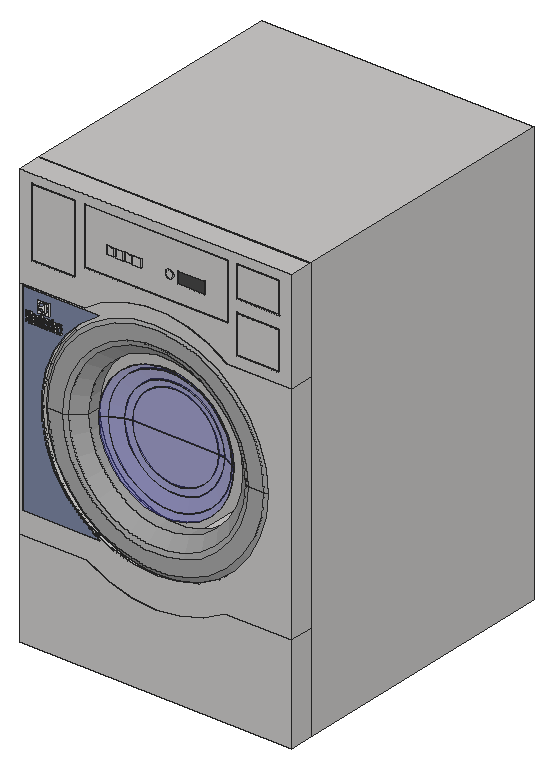
Revit family "QF_ELECTROLUXPROFESSIONAL_1LSNA3_TE1220E_E", category Attrezzature speciali, Revit 2021
Family settings
  Quota connettore circolare = Usa diametro
  Tipo di parte = Normale
  Basato su piano di lavoro = No
  Sempre verticale = Sì
  Taglio con vuoti quando caricato = No
  Condiviso = No
  Punto di calcolo locali = No
Parameters (values of type "988690057")
  Width = 686 mm
  Weight = 70
  Watts = 5000 W
  Volts = 240 V
  URL = "www.electroluxprofessional.com"
  Steam Pounds per Hour = 0
  Sensible Heat Output = "0.0"
  Prospetto di default = 0 mm
  Produttore = "Electrolux Professional"
  Phase = 1
  Modello = "TE1220E"
  Length Actual = 686 mm
  Latent Heat Output = "0.0"
  Item Number = "1L0GM9"
  Height Actual = 1098 mm
  Height = 850 mm
  Gas KW = 0
  Descrizione = "TE1220E 230V/50 CN E4,8KW ELX"
  Depth Actual = 822 mm
  Depth = 822 mm
  Cycle = 50 Hz
  Corrente [instance] = "22.7"
Reference planes
  plane 1 "Center (Front/Back)": y = 0
  plane 2: z = 0
  plane 3 "Center (Left/Right)": x = 0
  plane 4 "LEFT": x = -343
  plane 5 "RIGHT": x = 343
  plane 6 "BACK": y = 411
  plane 7 "FRONT": y = -411
  plane 8 "voidPanel": through (0, -279.09, 846.678) normal (0, -0.9308, 0.3656)
  plane 9 "TOP": z = 1098
  plane 10: y = -966
  plane 11 "GasX": x = 260.5
  plane 12 "GASz": z = 52.3
Forms (mm)
  Extrusion 1, solid, material "QF_Finishes_Stainless Steel"
    sketch origin (0, 0, 0) x (1, 0, 0) y (0, 1, 0)
      loop
        line (-343, 354) -> (-343, -351.316) -> (343, -351.316) -> (343, 354) -> (-343, 354)
    from 25 to 1098
  Extrusion 2, void
    sketch origin (0, -411, 110) x (0, 0, 1) y (-1, 0, 0)
      loop
        circle (470, 0) r 242.757
    from 0 to -726.106
  Revolve 3, solid, material "QF_Finishes_Gray"
    sketch origin (0, 0, 580) x (-1, 0, 0) y (0, -1, 0)
      loop
        line (300.448, 346.297) -> (300.448, 393.936) -> (272.916, 411) -> (235.246, 411) -> (223.534, 406.93) -> (195.25, 378.646) -> (195.25, 346.297) -> (300.448, 346.297)
      axis (0, 346.297) -> (0, 411)
    angle from 0 to 360
  Revolve 4, solid, material "Glass"
    sketch origin (0, 0, 580) x (-1, 0, 0) y (0, -1, 0)
      loop
        line (156.034, 365.621) -> (125.785, 351.316)
        arc (125.785, 351.316) -> (117.42, 348.976) -> (108.77, 348.187) r 47.824
        line (108.77, 348.187) -> (0, 348.187) -> (0, 346.187) -> (108.77, 346.187)
        arc (108.77, 346.187) -> (117.82, 347.016) -> (126.57, 349.475) r 49.824
        line (126.57, 349.475) -> (156.889, 363.813)
        arc (156.889, 363.813) -> (164.396, 368.582) -> (170.5, 375.051) r 35.892
        line (170.5, 375.051) -> (170.5, 378.646)
        arc (170.5, 378.646) -> (164.222, 371.072) -> (156.034, 365.621) r 33.892
      axis (0, 346.187) -> (0, 378.646)
    angle from 0 to 360
  Extrusion 5, void
    sketch origin (0, 0, 470) x (-1, 0, 0) y (0, -1, 0)
      loop
        line (333, -329) -> (333, 336.297) -> (-333, 336.297) -> (-333, -329) -> (333, -329)
    from -434.1 to 430
  Extrusion 6, solid, material "QF_Finishes_Rubber Black"
    sketch origin (25, 0, 0) x (1, 0, 0) y (0, 1, 0)
      loop
        circle (-308, 313.6) r 20
    from 0 to 10
  Extrusion 7, solid, material "QF_Finishes_Stainless Steel"
    sketch origin (25, 0, 0) x (1, 0, 0) y (0, 1, 0)
      loop
        circle (-308, 313.6) r 11
    from 10 to 25
  Extrusion 8, solid, material "QF_Finishes_Rubber Black"
    sketch origin (25, 0, 0) x (1, 0, 0) y (0, 1, 0)
      loop
        circle (-308, -309.8) r 20
    from 0 to 10
  Extrusion 9, solid, material "QF_Finishes_Stainless Steel"
    sketch origin (25, 0, 0) x (1, 0, 0) y (0, 1, 0)
      loop
        circle (-308, -309.8) r 11
    from 10 to 25
  Revolve 10, solid, material "QF_Door-Drawer Clearances", detail levels coarse
    sketch origin (0, -392.108, 110) x (-1, 0, 0) y (0, 0, 1)
      loop
        circle (-1.368, 470) r 285
      axis (287.524, 470) -> (287.524, 469)
    angle from 0 to 90
  Extrusion 11, solid, material "QF_Finishes_Rubber Black"
    sketch origin (-25, 0, 0) x (-1, 0, 0) y (0, -1, 0)
      loop
        circle (-308, -313.6) r 20
    from 0 to 10
  Extrusion 12, solid, material "QF_Finishes_Stainless Steel"
    sketch origin (-25, 0, 0) x (-1, 0, 0) y (0, -1, 0)
      loop
        circle (-308, -313.6) r 11
    from 10 to 25
  Extrusion 13, solid, material "QF_Finishes_Rubber Black"
    sketch origin (-25, 0, 0) x (-1, 0, 0) y (0, -1, 0)
      loop
        circle (-308, 309.8) r 20
    from 0 to 10
  Extrusion 14, solid, material "QF_Finishes_Stainless Steel"
    sketch origin (-25, 0, 0) x (-1, 0, 0) y (0, -1, 0)
      loop
        circle (-308, 309.8) r 11
    from 10 to 25
  Extrusion 15, solid, material "QF_Finishes_Stainless Steel"
    sketch origin (0, -411, 0) x (0, 0, 1) y (-1, 0, 0)
      loop
        line (25, 343) -> (25, -343) -> (270, -343) -> (270, -175)
        arc (270, -175) -> (219.436, 0) -> (270, 175) r 328.118
        line (270, 175) -> (270, 343) -> (25, 343)
    from 0 to -60
  Extrusion 16, solid, material "QF_Finishes_Stainless Steel"
    sketch origin (0, -411, 0) x (0, 0, 1) y (-1, 0, 0)
      loop
        line (840, -343) -> (1098, -343) -> (1098, 343) -> (840, 343) -> (840, 180)
        arc (840, 180) -> (900, 0) -> (840, -180) r 300
        line (840, -180) -> (840, -343)
    from 0 to -60
  Extrusion 17, solid, material "QF_Finishes_Stainless Steel"
    sketch origin (0, -411, 0) x (0, 0, 1) y (-1, 0, 0)
      loop
        line (840, 343) -> (270, 343) -> (270, 175)
        arc (270, 175) -> (219.436, 0) -> (270, -175) r 328.118
        line (270, -175) -> (270, -343) -> (840, -343) -> (840, -180)
        arc (840, -180) -> (900, 0) -> (840, 180) r 300
        line (840, 180) -> (840, 343)
      loop
        circle (580, 0) r 285
    from 0 to -60
  Extrusion 18, void
    sketch origin (0, -411, 0) x (0, 0, 1) y (-1, 0, 0)
      loop
        line (1076.011, 312.853) -> (900, 312.853) -> (900, 202.056) -> (1076.011, 202.056) -> (1076.011, 312.853)
      loop
        line (1076.011, 180.558) -> (931.011, 180.558) -> (931.011, -184.442) -> (1076.011, -184.442) -> (1076.011, 180.558)
      loop
        line (966.011, -204.442) -> (866.011, -204.442) -> (866.011, -314.442) -> (966.011, -314.442) -> (966.011, -204.442)
      loop
        line (996.011, -204.442) -> (996.011, -314.442) -> (1076.011, -314.442) -> (1076.011, -204.442) -> (996.011, -204.442)
    from 0 to -13.46
  Extrusion 19, solid, material "QF_Finishes_Stainless Steel"
    sketch origin (0, -411, 0) x (0, 0, 1) y (-1, 0, 0)
      loop
        line (1073.011, 205.056) -> (1073.011, 309.853) -> (903, 309.853) -> (903, 205.056) -> (1073.011, 205.056)
      loop
        line (934.011, 177.558) -> (934.011, -181.442) -> (1073.011, -181.442) -> (1073.011, 177.558) -> (934.011, 177.558)
      loop
        line (1073.011, -311.442) -> (1073.011, -207.442) -> (999.011, -207.442) -> (999.011, -311.442) -> (1073.011, -311.442)
      loop
        line (963.011, -311.442) -> (963.011, -207.442) -> (869.011, -207.442) -> (869.011, -311.442) -> (963.011, -311.442)
      loop
        line (982.148, 123.504) -> (982.148, 103.504) -> (1002.148, 103.504) -> (1002.148, 123.504) -> (982.148, 123.504)
      loop
        line (1002.148, 100.812) -> (982.148, 100.812) -> (982.148, 80.808) -> (1002.148, 80.808) -> (1002.148, 100.812)
      loop
        line (1002.148, 78.12) -> (982.148, 78.12) -> (982.148, 58.116) -> (1002.148, 58.116) -> (1002.148, 78.12)
      loop
        line (1002.148, 55.428) -> (982.148, 55.428) -> (982.148, 35.424) -> (1002.148, 35.424) -> (1002.148, 55.428)
      loop
        circle (992.148, -34.859) r 10
      loop
        line (977.148, -124.859) -> (1007.148, -124.859) -> (1007.148, -54.859) -> (977.148, -54.859) -> (977.148, -124.859)
    from 0.5 to -13.46
  Extrusion 20, solid, material "QF_Finishes_Stainless Steel"
    sketch origin (0, -411, 0) x (0, 0, 1) y (-1, 0, 0)
      loop
        line (1002.148, 123.504) -> (982.148, 123.504) -> (982.148, 103.504) -> (1002.148, 103.504) -> (1002.148, 123.504)
      loop
        line (1002.148, 100.812) -> (982.148, 100.812) -> (982.148, 80.808) -> (1002.148, 80.808) -> (1002.148, 100.812)
      loop
        line (1002.148, 78.12) -> (982.148, 78.12) -> (982.148, 58.116) -> (1002.148, 58.116) -> (1002.148, 78.12)
      loop
        line (1002.148, 55.428) -> (982.148, 55.428) -> (982.148, 35.424) -> (1002.148, 35.424) -> (1002.148, 55.428)
    from 2 to -13.46
  Extrusion 21, solid, material "QF_Finishes_Stainless Steel"
    sketch origin (0, -411, 0) x (0, 0, 1) y (-1, 0, 0)
      loop
        circle (992.148, -34.859) r 10
    from 1 to -13.46
  Extrusion 22, solid, material "QF_Finishes_Black"
    sketch origin (0, -411, 0) x (0, 0, 1) y (-1, 0, 0)
      loop
        line (1007.148, -54.859) -> (977.148, -54.859) -> (977.148, -124.859) -> (1007.148, -124.859) -> (1007.148, -54.859)
    from 0 to -13.46
  Extrusion 23, solid, material "QF_Finishes_Stainless Steel"
    sketch origin (2.1, 411, -6.2) x (0, 0, 1) y (-1, 0, 0)
      loop
        circle (91, -25) r 51
    from 50.43 to 57
  Blend 24, solid, material "QF_Finishes_Stainless Steel"
    base sketch origin (0, 411, 0) x (0, 0, 1) y (-1, 0, 0)
      loop
        line (112.093, -134.606) -> (112.093, -219.975)
        arc (112.093, -219.975) -> (136.989, -280.08) -> (197.093, -304.975) r 85
        line (197.093, -304.975) -> (735.296, -304.975) -> (764.372, -304.975) -> (800, -304.975)
        arc (800, -304.975) -> (860.104, -280.08) -> (885, -219.975) r 85
        line (885, -219.975) -> (885, 223.558)
        arc (885, 223.558) -> (860.104, 283.663) -> (800, 308.558) r 85
        line (800, 308.558) -> (764.372, 308.558) -> (736.45, 308.558) -> (330, 308.558)
        arc (330, 308.558) -> (287.574, 290.985) -> (270, 248.558) r 60
        line (270, 248.558) -> (270, 113.511)
        arc (270, 113.511) -> (265.698, 88.475) -> (253.286, 66.312) r 75
        line (253.286, 66.312) -> (128.807, -87.407)
        arc (128.807, -87.407) -> (116.395, -109.571) -> (112.093, -134.606) r 75
    top sketch origin (0, 411, 0) x (0, 0, 1) y (-1, 0, 0)
      loop
        line (736.45, 258.558) -> (330, 258.558)
        arc (330, 258.558) -> (322.929, 255.63) -> (320, 248.558) r 10
        line (320, 248.558) -> (320, 95.805)
        arc (320, 95.805) -> (315.698, 70.769) -> (303.286, 48.606) r 75
        line (303.286, 48.606) -> (178.807, -105.113)
        arc (178.807, -105.113) -> (166.395, -127.277) -> (162.093, -152.312) r 75
        line (162.093, -152.312) -> (162.093, -219.975)
        arc (162.093, -219.975) -> (172.344, -244.724) -> (197.093, -254.975) r 35
        line (197.093, -254.975) -> (735.296, -254.975)
        arc (735.296, -254.975) -> (745.955, -271.27) -> (764.372, -277.589) r 30
        line (764.372, -277.589) -> (819.372, -277.589)
        arc (819.372, -277.589) -> (840.585, -268.802) -> (849.372, -247.589) r 30
        line (849.372, -247.589) -> (849.372, 247.589)
        arc (849.372, 247.589) -> (840.585, 268.802) -> (819.372, 277.589) r 30
        line (819.372, 277.589) -> (764.372, 277.589)
        arc (764.372, 277.589) -> (747.477, 272.379) -> (736.45, 258.558) r 30
    from 57 to 0
  Extrusion 25, void
    sketch origin (0, 411, 0) x (0, 0, 1) y (-1, 0, 0)
      loop
        line (839.372, -242.589) -> (839.372, 246.505)
        arc (839.372, 246.505) -> (833.514, 260.647) -> (819.372, 266.505) r 20
        line (819.372, 266.505) -> (760.142, 266.505)
        arc (760.142, 266.505) -> (746, 260.647) -> (740.142, 246.505) r 20
        line (740.142, 246.505) -> (740.142, -248.744)
        arc (740.142, -248.744) -> (749.024, -262.323) -> (764.372, -267.589) r 25
        line (764.372, -267.589) -> (814.372, -267.589)
        arc (814.372, -267.589) -> (832.05, -260.266) -> (839.372, -242.589) r 25
    from 0 to 8.2
  Extrusion 26, solid, material "QF_Finishes_Stainless Steel"
    sketch origin (0, 411, 0) x (0, 0, 1) y (-1, 0, 0)
      loop
        circle (810, 209.295) r 5
    from 0 to 8.186
  Extrusion 27, solid, material "QF_Finishes_White"
    sketch origin (-20, -411, 75) x (0, 0, 1) y (-1, 0, 0)
      loop
        spline (696.669, 303.458) -> (696.678, 303.666) -> (696.706, 303.887) -> (696.758, 304.116) -> (696.837, 304.347) -> (696.945, 304.574) -> (697.088, 304.79) -> (697.268, 304.989) -> (697.488, 305.166) -> (697.753, 305.314) -> (698.065, 305.428) -> (698.428, 305.5) -> (698.845, 305.526)
        line (698.845, 305.526) -> (700.697, 305.526) -> (700.697, 299.411) -> (703.059, 299.411) -> (703.059, 305.527) -> (706.497, 305.527) -> (706.497, 299.022) -> (708.852, 299.022) -> (708.852, 308.029) -> (698.952, 308.029)
        spline (698.952, 308.029) -> (698.343, 308.007) -> (697.77, 307.939) -> (697.233, 307.824) -> (696.734, 307.66) -> (696.277, 307.447) -> (695.863, 307.184) -> (695.493, 306.868) -> (695.17, 306.498) -> (694.896, 306.074) -> (694.673, 305.594) -> (694.502, 305.057) -> (694.386, 304.461)
        line (694.386, 304.461) -> (694.316, 303.478) -> (694.316, 298.848) -> (696.669, 298.848) -> (696.669, 303.458)
      loop
        line (701.983, 297.069) -> (694.312, 297.069) -> (694.312, 294.566) -> (708.856, 294.566) -> (708.856, 297.069) -> (701.983, 297.069)
      loop
        spline (699.838, 282.168) -> (700.563, 282.21) -> (701.258, 282.336) -> (701.916, 282.541) -> (702.532, 282.822) -> (703.097, 283.176) -> (703.608, 283.598) -> (704.057, 284.086) -> (704.438, 284.636) -> (704.745, 285.245) -> (704.972, 285.908) -> (705.113, 286.623) -> (705.162, 287.387)
        spline (705.162, 287.387) -> (705.116, 288.166) -> (704.983, 288.907) -> (704.765, 289.603) -> (704.465, 290.249) -> (704.088, 290.84) -> (703.636, 291.37) -> (703.112, 291.834) -> (702.521, 292.225) -> (701.865, 292.539) -> (701.148, 292.77) -> (700.373, 292.913) -> (699.544, 292.962)
        spline (699.544, 292.962) -> (698.735, 292.915) -> (697.979, 292.776) -> (697.278, 292.55) -> (696.637, 292.242) -> (696.059, 291.855) -> (695.547, 291.394) -> (695.105, 290.864) -> (694.735, 290.268) -> (694.442, 289.612) -> (694.228, 288.9) -> (694.097, 288.135) -> (694.053, 287.323)
        spline (694.053, 287.323) -> (694.063, 286.928) -> (694.092, 286.536) -> (694.144, 286.149) -> (694.221, 285.766) -> (694.323, 285.389) -> (694.454, 285.016) -> (694.615, 284.647) -> (694.808, 284.284) -> (695.035, 283.925) -> (695.297, 283.572) -> (695.598, 283.224) -> (695.939, 282.88)
        line (695.939, 282.88) -> (697.407, 284.389)
        spline (697.407, 284.389) -> (697.215, 284.588) -> (697.04, 284.788) -> (696.881, 284.991) -> (696.738, 285.198) -> (696.611, 285.412) -> (696.5, 285.634) -> (696.406, 285.866) -> (696.329, 286.109) -> (696.269, 286.367) -> (696.226, 286.64) -> (696.2, 286.93) -> (696.191, 287.24)
        spline (696.191, 287.24) -> (696.213, 287.693) -> (696.279, 288.118) -> (696.388, 288.513) -> (696.536, 288.876) -> (696.722, 289.206) -> (696.946, 289.501) -> (697.204, 289.758) -> (697.495, 289.977) -> (697.818, 290.155) -> (698.171, 290.29) -> (698.551, 290.381) -> (698.958, 290.425)
        line (698.958, 290.425) -> (698.958, 282.21) -> (699.838, 282.168)
      loop
        spline (700.718, 284.725) -> (701.028, 284.749) -> (701.326, 284.82) -> (701.609, 284.934) -> (701.875, 285.089) -> (702.12, 285.28) -> (702.342, 285.505) -> (702.538, 285.761) -> (702.705, 286.044) -> (702.84, 286.352) -> (702.94, 286.68) -> (703.002, 287.026) -> (703.024, 287.387)
        spline (703.024, 287.387) -> (703.003, 287.773) -> (702.942, 288.145) -> (702.843, 288.5) -> (702.71, 288.833) -> (702.545, 289.143) -> (702.35, 289.425) -> (702.129, 289.676) -> (701.884, 289.894) -> (701.618, 290.074) -> (701.333, 290.215) -> (701.032, 290.312) -> (700.718, 290.363)
        line (700.718, 290.363) -> (700.718, 284.725)
      loop
        spline (699.607, 278.381) -> (700.073, 278.352) -> (700.515, 278.268) -> (700.929, 278.133) -> (701.313, 277.949) -> (701.664, 277.719) -> (701.978, 277.448) -> (702.253, 277.139) -> (702.484, 276.794) -> (702.67, 276.418) -> (702.806, 276.013) -> (702.89, 275.584) -> (702.919, 275.132)
        spline (702.919, 275.132) -> (702.91, 274.855) -> (702.884, 274.59) -> (702.842, 274.336) -> (702.783, 274.092) -> (702.708, 273.858) -> (702.618, 273.634) -> (702.512, 273.418) -> (702.391, 273.21) -> (702.256, 273.01) -> (702.106, 272.817) -> (701.943, 272.63) -> (701.766, 272.45)
        line (701.766, 272.45) -> (703.38, 270.898)
        spline (703.38, 270.898) -> (703.689, 271.207) -> (703.966, 271.525) -> (704.213, 271.852) -> (704.43, 272.187) -> (704.619, 272.531) -> (704.779, 272.882) -> (704.912, 273.24) -> (705.02, 273.606) -> (705.101, 273.978) -> (705.159, 274.357) -> (705.192, 274.742) -> (705.203, 275.132)
        spline (705.203, 275.132) -> (705.155, 275.914) -> (705.013, 276.664) -> (704.783, 277.374) -> (704.47, 278.037) -> (704.079, 278.647) -> (703.616, 279.198) -> (703.085, 279.683) -> (702.493, 280.094) -> (701.843, 280.426) -> (701.143, 280.671) -> (700.396, 280.823) -> (699.607, 280.875)
        spline (699.607, 280.875) -> (698.819, 280.823) -> (698.072, 280.671) -> (697.371, 280.426) -> (696.722, 280.094) -> (696.129, 279.683) -> (695.599, 279.198) -> (695.135, 278.647) -> (694.745, 278.037) -> (694.432, 277.374) -> (694.201, 276.664) -> (694.06, 275.914) -> (694.011, 275.132)
        spline (694.011, 275.132) -> (694.022, 274.742) -> (694.056, 274.357) -> (694.113, 273.978) -> (694.195, 273.606) -> (694.302, 273.24) -> (694.436, 272.882) -> (694.596, 272.531) -> (694.784, 272.187) -> (695.002, 271.852) -> (695.248, 271.525) -> (695.526, 271.207) -> (695.835, 270.898)
        line (695.835, 270.898) -> (697.449, 272.45)
        spline (697.449, 272.45) -> (697.272, 272.63) -> (697.108, 272.817) -> (696.959, 273.01) -> (696.824, 273.21) -> (696.703, 273.418) -> (696.597, 273.634) -> (696.507, 273.858) -> (696.432, 274.092) -> (696.373, 274.336) -> (696.33, 274.59) -> (696.304, 274.855) -> (696.296, 275.132)
        spline (696.296, 275.132) -> (696.325, 275.584) -> (696.409, 276.013) -> (696.545, 276.418) -> (696.731, 276.794) -> (696.962, 277.139) -> (697.236, 277.448) -> (697.55, 277.719) -> (697.901, 277.949) -> (698.285, 278.133) -> (698.7, 278.268) -> (699.142, 278.352) -> (699.607, 278.381)
      loop
        spline (696.665, 264.515) -> (696.662, 264.736) -> (696.678, 264.972) -> (696.719, 265.218) -> (696.789, 265.468) -> (696.89, 265.715) -> (697.028, 265.952) -> (697.206, 266.175) -> (697.429, 266.376) -> (697.7, 266.549) -> (698.024, 266.688) -> (698.404, 266.787) -> (698.845, 266.839)
        line (698.845, 266.839) -> (702.555, 266.839) -> (702.555, 264.562) -> (704.829, 264.562) -> (704.829, 266.836) -> (708.856, 266.836) -> (708.856, 269.34) -> (698.703, 269.34)
        spline (698.703, 269.34) -> (698.114, 269.286) -> (697.56, 269.189) -> (697.042, 269.048) -> (696.564, 268.861) -> (696.127, 268.627) -> (695.732, 268.345) -> (695.381, 268.014) -> (695.077, 267.632) -> (694.821, 267.2) -> (694.615, 266.714) -> (694.461, 266.175) -> (694.36, 265.581)
        line (694.36, 265.581) -> (694.312, 264.524) -> (696.665, 264.515)
      loop
        spline (704.975, 256.091) -> (705.002, 256.524) -> (704.994, 256.941) -> (704.953, 257.341) -> (704.88, 257.722) -> (704.776, 258.084) -> (704.641, 258.425) -> (704.478, 258.744) -> (704.286, 259.04) -> (704.068, 259.312) -> (703.825, 259.559) -> (703.557, 259.779) -> (703.265, 259.972)
        line (703.265, 259.972) -> (704.829, 259.972) -> (704.829, 262.455) -> (694.313, 262.455) -> (694.313, 259.972) -> (699.842, 259.972)
        spline (699.842, 259.972) -> (700.261, 259.949) -> (700.652, 259.882) -> (701.013, 259.772) -> (701.342, 259.621) -> (701.638, 259.431) -> (701.9, 259.202) -> (702.126, 258.938) -> (702.314, 258.64) -> (702.462, 258.308) -> (702.571, 257.946) -> (702.637, 257.554) -> (702.659, 257.134)
        line (702.659, 257.134) -> (702.555, 256.091) -> (704.975, 256.091)
      loop
        spline (699.57, 244.231) -> (700.342, 244.283) -> (701.077, 244.436) -> (701.77, 244.682) -> (702.415, 245.014) -> (703.007, 245.426) -> (703.538, 245.911) -> (704.003, 246.462) -> (704.398, 247.072) -> (704.714, 247.735) -> (704.948, 248.443) -> (705.092, 249.19) -> (705.142, 249.969)
        spline (705.142, 249.969) -> (705.092, 250.752) -> (704.948, 251.503) -> (704.714, 252.213) -> (704.398, 252.876) -> (704.003, 253.486) -> (703.538, 254.036) -> (703.007, 254.519) -> (702.415, 254.929) -> (701.77, 255.26) -> (701.077, 255.504) -> (700.342, 255.656) -> (699.57, 255.708)
        spline (699.57, 255.708) -> (698.799, 255.656) -> (698.064, 255.504) -> (697.371, 255.26) -> (696.726, 254.929) -> (696.135, 254.519) -> (695.604, 254.036) -> (695.138, 253.486) -> (694.744, 252.876) -> (694.427, 252.213) -> (694.193, 251.503) -> (694.049, 250.752) -> (693.999, 249.969)
        spline (693.999, 249.969) -> (694.049, 249.19) -> (694.193, 248.443) -> (694.427, 247.735) -> (694.744, 247.072) -> (695.138, 246.462) -> (695.604, 245.911) -> (696.135, 245.426) -> (696.726, 245.014) -> (697.371, 244.682) -> (698.064, 244.436) -> (698.799, 244.283) -> (699.57, 244.231)
      loop
        spline (699.57, 246.714) -> (700.026, 246.743) -> (700.46, 246.828) -> (700.869, 246.965) -> (701.251, 247.15) -> (701.601, 247.381) -> (701.916, 247.653) -> (702.192, 247.964) -> (702.426, 248.309) -> (702.614, 248.686) -> (702.752, 249.09) -> (702.838, 249.519) -> (702.868, 249.969)
        spline (702.868, 249.969) -> (702.838, 250.423) -> (702.752, 250.855) -> (702.614, 251.261) -> (702.426, 251.638) -> (702.192, 251.983) -> (701.916, 252.293) -> (701.601, 252.563) -> (701.251, 252.792) -> (700.869, 252.976) -> (700.46, 253.111) -> (700.026, 253.195) -> (699.57, 253.223)
        spline (699.57, 253.223) -> (699.116, 253.195) -> (698.682, 253.111) -> (698.272, 252.976) -> (697.89, 252.792) -> (697.54, 252.563) -> (697.226, 252.293) -> (696.95, 251.983) -> (696.716, 251.638) -> (696.528, 251.261) -> (696.389, 250.855) -> (696.303, 250.423) -> (696.273, 249.969)
        spline (696.273, 249.969) -> (696.303, 249.519) -> (696.389, 249.09) -> (696.528, 248.686) -> (696.716, 248.309) -> (696.95, 247.964) -> (697.226, 247.653) -> (697.54, 247.381) -> (697.89, 247.15) -> (698.272, 246.965) -> (698.682, 246.828) -> (699.116, 246.743) -> (699.57, 246.714)
      loop
        line (702.234, 242.691) -> (694.312, 242.691) -> (694.312, 240.186) -> (708.856, 240.186) -> (708.856, 242.691) -> (702.234, 242.691)
      loop
        line (704.829, 231.156) -> (698.716, 231.156)
        spline (698.716, 231.156) -> (698.318, 231.176) -> (697.96, 231.235) -> (697.64, 231.33) -> (697.357, 231.459) -> (697.111, 231.62) -> (696.9, 231.811) -> (696.724, 232.029) -> (696.582, 232.272) -> (696.473, 232.538) -> (696.397, 232.825) -> (696.351, 233.13) -> (696.336, 233.452)
        spline (696.336, 233.452) -> (696.351, 233.773) -> (696.397, 234.078) -> (696.473, 234.365) -> (696.581, 234.631) -> (696.723, 234.874) -> (696.897, 235.092) -> (697.106, 235.283) -> (697.351, 235.444) -> (697.631, 235.573) -> (697.947, 235.668) -> (698.301, 235.726) -> (698.694, 235.747)
        line (698.694, 235.747) -> (704.829, 235.747) -> (704.829, 238.272) -> (698.485, 238.272)
        spline (698.485, 238.272) -> (697.767, 238.227) -> (697.113, 238.097) -> (696.523, 237.888) -> (695.998, 237.607) -> (695.535, 237.259) -> (695.136, 236.85) -> (694.8, 236.387) -> (694.525, 235.876) -> (694.313, 235.323) -> (694.161, 234.733) -> (694.071, 234.115) -> (694.041, 233.472)
        spline (694.041, 233.472) -> (694.071, 232.825) -> (694.163, 232.201) -> (694.317, 231.607) -> (694.532, 231.049) -> (694.811, 230.533) -> (695.152, 230.066) -> (695.557, 229.654) -> (696.025, 229.303) -> (696.558, 229.019) -> (697.156, 228.808) -> (697.819, 228.677) -> (698.548, 228.632)
        line (698.548, 228.632) -> (704.829, 228.632) -> (704.829, 231.156)
      loop
        line (697.676, 219.158) -> (699.883, 220.737) -> (702.547, 218.782) -> (704.829, 217.107) -> (704.829, 219.84) -> (701.678, 222.115) -> (704.829, 224.41) -> (704.829, 227.123) -> (702.701, 225.567) -> (699.863, 223.492) -> (696.834, 225.667) -> (694.312, 227.477) -> (694.312, 224.786) -> (698.027, 222.115) -> (694.312, 219.444) -> (694.312, 216.752) -> (697.676, 219.158)
      loop
        line (688.447, 306.621) -> (688.447, 308.558) -> (683.42, 308.558) -> (683.42, 307.525) -> (685.123, 307.525) -> (685.123, 306.621)
        arc (685.123, 306.621) -> (686.785, 304.959) -> (688.447, 306.621) r 1.662
      loop
        line (687.497, 306.663) -> (687.497, 307.525) -> (686.073, 307.525) -> (686.073, 306.663)
        arc (686.073, 306.663) -> (686.785, 305.951) -> (687.497, 306.663) r 0.712
      loop
        line (688.447, 298.733) -> (688.447, 300.705) -> (683.42, 300.705) -> (683.42, 299.671) -> (684.882, 299.671) -> (685.151, 298.932) -> (683.42, 297.891) -> (683.42, 296.718) -> (685.405, 297.925)
        arc (685.405, 297.925) -> (685.993, 297.294) -> (686.826, 297.074) r 1.552
        arc (686.826, 297.074) -> (687.975, 297.573) -> (688.447, 298.733) r 1.659
      loop
        arc (686.094, 298.824) -> (686.762, 298.121) -> (687.497, 298.754) r 0.703
        line (687.497, 298.754) -> (687.497, 299.671) -> (686.094, 299.671) -> (686.094, 298.824)
      loop
        circle (685.933, 290.3) r 2.611
      loop
        circle (685.933, 290.3) r 1.657
      loop
        line (688.447, 283.364) -> (683.42, 283.364) -> (683.42, 282.331) -> (685.486, 282.331) -> (685.486, 280.439) -> (686.436, 280.439) -> (686.436, 282.331) -> (687.497, 282.331) -> (687.497, 280.257) -> (688.447, 280.257) -> (688.447, 283.364)
      loop
        line (688.447, 275.992) -> (685.05, 275.992)
        arc (685.05, 275.992) -> (683.898, 275.529) -> (683.42, 274.383) r 1.609
        line (683.42, 274.383) -> (683.42, 272.76) -> (684.37, 272.76) -> (684.37, 274.225) -> (684.759, 274.959) -> (685.606, 274.959) -> (685.606, 272.948) -> (686.506, 272.948) -> (686.506, 274.959) -> (687.497, 274.959) -> (687.497, 272.809) -> (688.447, 272.809) -> (688.447, 275.992)
      loop
        line (687.128, 265.998) -> (687.638, 265.255)
        arc (687.638, 265.255) -> (688.309, 265.943) -> (688.531, 266.879) r 1.8
        arc (688.531, 266.879) -> (688.406, 267.502) -> (688.091, 268.053) r 1.995
        arc (688.091, 268.053) -> (687.777, 268.314) -> (687.386, 268.431) r 1.023
        arc (687.386, 268.431) -> (686.928, 268.42) -> (686.485, 268.305) r 2.005
        arc (686.485, 268.305) -> (686.001, 267.857) -> (685.694, 267.273) r 1.948
        arc (685.694, 267.273) -> (685.475, 266.734) -> (685.196, 266.223) r 5.092
        arc (685.196, 266.223) -> (684.861, 266.023) -> (684.505, 266.181) r 0.425
        arc (684.505, 266.181) -> (684.282, 266.728) -> (684.398, 267.306) r 1.026
        arc (684.398, 267.306) -> (684.643, 267.732) -> (685.054, 267.998) r 1.044
        line (685.054, 267.998) -> (684.559, 268.788)
        arc (684.559, 268.788) -> (684.042, 268.475) -> (683.647, 268.018) r 1.934
        arc (683.647, 268.018) -> (683.399, 267.438) -> (683.336, 266.811) r 2.085
        arc (683.336, 266.811) -> (683.491, 266.036) -> (683.861, 265.338) r 2.723
        arc (683.861, 265.338) -> (684.682, 265.03) -> (685.543, 265.189) r 1.635
        arc (685.543, 265.189) -> (685.94, 265.533) -> (686.227, 265.973) r 1.896
        arc (686.227, 265.973) -> (686.475, 266.529) -> (686.689, 267.099) r 9.984
        arc (686.689, 267.099) -> (687.202, 267.429) -> (687.582, 266.952) r 0.455
        arc (687.582, 266.952) -> (687.465, 266.423) -> (687.128, 265.998) r 1.209
      loop
        line (687.128, 258.403) -> (687.638, 257.66)
        arc (687.638, 257.66) -> (688.309, 258.348) -> (688.531, 259.284) r 1.8
        arc (688.531, 259.284) -> (688.406, 259.907) -> (688.091, 260.458) r 1.995
        arc (688.091, 260.458) -> (687.777, 260.719) -> (687.386, 260.836) r 1.023
        arc (687.386, 260.836) -> (686.928, 260.825) -> (686.485, 260.71) r 2.005
        arc (686.485, 260.71) -> (686.001, 260.262) -> (685.694, 259.678) r 1.948
        arc (685.694, 259.678) -> (685.475, 259.139) -> (685.196, 258.628) r 5.092
        arc (685.196, 258.628) -> (684.861, 258.428) -> (684.505, 258.586) r 0.425
        arc (684.505, 258.586) -> (684.282, 259.133) -> (684.398, 259.711) r 1.026
        arc (684.398, 259.711) -> (684.643, 260.136) -> (685.054, 260.403) r 1.044
        line (685.054, 260.403) -> (684.559, 261.193)
        arc (684.559, 261.193) -> (684.042, 260.88) -> (683.647, 260.422) r 1.934
        arc (683.647, 260.422) -> (683.399, 259.843) -> (683.336, 259.216) r 2.085
        arc (683.336, 259.216) -> (683.491, 258.441) -> (683.861, 257.743) r 2.723
        arc (683.861, 257.743) -> (684.682, 257.434) -> (685.543, 257.594) r 1.635
        arc (685.543, 257.594) -> (685.94, 257.938) -> (686.227, 258.377) r 1.896
        arc (686.227, 258.377) -> (686.475, 258.934) -> (686.689, 259.504) r 9.984
        arc (686.689, 259.504) -> (687.202, 259.834) -> (687.582, 259.357) r 0.455
        arc (687.582, 259.357) -> (687.465, 258.828) -> (687.128, 258.403) r 1.209
      loop
        line (688.447, 253.158) -> (683.42, 253.158) -> (683.42, 252.124) -> (688.447, 252.124) -> (688.447, 253.158)
      loop
        circle (685.933, 245.154) r 1.564
      loop
        circle (685.933, 245.154) r 2.611
      loop
        line (683.42, 238.219) -> (683.42, 237.174) -> (686.581, 237.174) -> (683.42, 234.874) -> (683.42, 233.869) -> (688.447, 233.869) -> (688.447, 234.914) -> (685.19, 234.914) -> (688.447, 237.213) -> (688.447, 238.219) -> (683.42, 238.219)
      loop
        line (683.42, 228.657) -> (684.504, 228.167) -> (684.504, 226.308) -> (683.42, 225.818) -> (683.42, 224.707) -> (688.447, 227.237) -> (683.42, 229.767) -> (683.42, 228.657)
      loop
        line (686.567, 227.237) -> (685.536, 227.703) -> (685.536, 226.772) -> (686.567, 227.237)
      loop
        line (684.37, 219.572) -> (688.447, 219.572) -> (688.447, 220.606) -> (683.42, 220.606) -> (683.42, 217.639) -> (684.37, 217.639) -> (684.37, 219.572)
      loop
        arc (715.169, 259.508) -> (727.748, 250.208) -> (740.328, 259.508) r 13.158
        line (740.328, 259.508) -> (715.169, 259.508)
      loop
        line (715.169, 260.788) -> (716.991, 260.788)
        arc (716.991, 260.788) -> (724.001, 264.694) -> (727.019, 272.13) r 12.086
        line (727.019, 272.13) -> (727.019, 276.292)
        arc (727.019, 276.292) -> (717.547, 271.251) -> (715.169, 260.788) r 12.895
      loop
        line (738.506, 260.788) -> (740.651, 260.788)
        arc (740.651, 260.788) -> (738.028, 271.26) -> (728.478, 276.292) r 13.232
        line (728.478, 276.292) -> (728.478, 272.13)
        arc (728.478, 272.13) -> (731.496, 264.694) -> (738.506, 260.788) r 12.086
      loop
        line (713.796, 277.247) -> (713.796, 249.247) -> (741.758, 249.247) -> (741.758, 277.247) -> (713.796, 277.247)
    from 0 to 2
  Extrusion 28, void
    sketch origin (0, -411, 0) x (0, 0, 1) y (-1, 0, 0)
      loop
        line (834, 337) -> (326, 337) -> (326, 142.004)
        arc (326, 142.004) -> (580, 291) -> (834, 142.004) r 291
        line (834, 142.004) -> (834, 337)
    from 0 to -2
  Extrusion 29, solid, material "QF_Finishes_SugarBlue"
    sketch origin (0, -411, 0) x (0, 0, 1) y (-1, 0, 0)
      loop
        line (834, 142.004) -> (834, 337) -> (326, 337) -> (326, 142.004)
        arc (326, 142.004) -> (580, 291) -> (834, 142.004) r 291
    from 0 to -2
Cuts and joins
  Extrusion 2, Extrusion 5 cuts Extrusion 1
  Extrusion 18 cuts Extrusion 16
  Extrusion 25 cuts Blend 24
  Extrusion 28 cuts Extrusion 17
Lines and regions (mm)
  model lines
    curve 1: line (253.366, -313.716, 0) -> (253.669, -317.455, 0)
  symbolic lines, style "SpecialityEquipmentHiddenLines"
    curve 2: line (-287.524, -966, 744.475) -> (-287.524, -411, 744.475)
    curve 4: arc (-287.524, -966, 744.475) -> (112.051, -805.22, 744.475) -> (286.678, -411.5, 744.475) r 572.871
  symbolic lines
    curve 3: line (-25, 411, 84.8) -> (75, 411, 84.8)
    curve 5: line (-343, 354, 744.475) -> (343, 354, 744.475)
    curve 6: line (-343, -351, 744.475) -> (-343, 354, 744.475)
    curve 7: line (343, -351, 744.475) -> (-343, -351, 744.475)
    curve 8: line (343, 354, 744.475) -> (343, -351, 744.475)
    curve 9: line (-343, -351, 744.475) -> (-343, -411, 744.475)
    curve 10: line (-343, -411, 744.475) -> (343, -411, 744.475)
    curve 11: line (343, -411, 744.475) -> (343, -351, 744.475)
    curve 12: line (-308.558, 354, 744.475) -> (-277.589, 411, 744.475)
    curve 13: line (-277.589, 411, 744.475) -> (277.589, 411, 744.475)
    curve 14: line (277.589, 411, 744.475) -> (304.975, 354, 744.475)
Dimensions and locks
  equal spacing: plane 5 "RIGHT", plane 3 "Center (Left/Right)", plane 4 "LEFT"
  "Width": plane 5 "RIGHT" to plane 4 "LEFT"
  equal spacing: plane 7 "FRONT", plane 1 "Center (Front/Back)", plane 6 "BACK"
  "Depth": plane 7 "FRONT" to plane 6 "BACK"
  plane 7 "FRONT" to plane 6 "BACK" = 822 mm
  plane 9 "TOP" to level = 1098 mm
  plane 7 "FRONT" to plane 1 "Center (Front/Back)" to plane 6 "BACK" = 411 mm, 411 mm
  plane 4 "LEFT" to plane 5 "RIGHT" = 686 mm
  cut or joined group of Extrusion 1, Extrusion 2, Extrusion 5 to cut or joined group of Extrusion 16, Extrusion 18 = 765 mm
  plane 7 "FRONT" to plane 10 = 555 mm
  level to curve 3 = 84.8 mm
  plane 10 to plane 7 "FRONT" = 555 mm
  plane 10 to plane 6 "BACK" = 1377 mm
  plane 5 "RIGHT" to plane 11 "GasX" = 82.5 mm
  level to plane 12 "GASz" = 52.3 mm
  plane 5 "RIGHT" to Extrusion 23 = 315.9 mm
  aligned and locked: level to plane 2
Automatic sketch dimensions
  Extrusion 1 sketch curve to plane 4 "LEFT" = 0 mm
  Extrusion 1 sketch curve to plane 5 "RIGHT" = 0 mm
  Extrusion 1 sketch curve to plane 7 "FRONT" = 59.684 mm
  plane 6 "BACK" to Extrusion 1 sketch curve = 57 mm
  Extrusion 2 sketch curve to plane 3 "Center (Left/Right)" = 0 mm
  level to Extrusion 2 sketch curve = 580 mm
  Revolve 4 sketch curve to Revolve 4 sketch curve = 0 mm  (x4)
  Revolve 4 sketch curve to plane 3 "Center (Left/Right)" = 0 mm  (x2)
  Revolve 4 sketch curve to Revolve 4 sketch curve = 108.77 mm
  Revolve 4 sketch curve to Revolve 4 sketch curve = 17.015 mm
  Revolve 4 sketch curve to plane 7 "FRONT" = 61.525 mm
  Revolve 4 sketch curve to Revolve 4 sketch curve = 0.785 mm
  Revolve 4 sketch curve to plane 7 "FRONT" = 14.74 mm
  Revolve 4 sketch curve to Revolve 4 sketch curve = 32.775 mm
  Revolve 4 sketch curve to plane 7 "FRONT" = 45.379 mm
  Revolve 4 sketch curve to Revolve 4 sketch curve = 30.249 mm
  Revolve 4 sketch curve to plane 7 "FRONT" = 47.187 mm
  Revolve 4 sketch curve to Revolve 4 sketch curve = 0.855 mm
  Revolve 4 sketch curve to Revolve 4 sketch curve = 14.466 mm
  Revolve 4 sketch curve to plane 7 "FRONT" = 62.813 mm
  Revolve 4 sketch curve to Revolve 4 sketch curve = 2 mm
  Revolve 4 sketch curve to plane 6 "BACK" = 1134.072 mm
  plane 7 "FRONT" to Revolve 4 sketch curve = 1124.917 mm
  Extrusion 5 sketch curve to plane 5 "RIGHT" = 10 mm
  plane 4 "LEFT" to Extrusion 5 sketch curve = 10 mm
  plane 6 "BACK" to Extrusion 5 sketch curve = 82 mm
  Extrusion 5 sketch curve to plane 7 "FRONT" = 74.703 mm
  plane 4 "LEFT" to Extrusion 6 sketch curve = 60 mm
  plane 6 "BACK" to Extrusion 6 sketch curve = 97.4 mm
  plane 4 "LEFT" to Extrusion 7 sketch curve = 60 mm
  plane 6 "BACK" to Extrusion 7 sketch curve = 97.4 mm
  plane 4 "LEFT" to Extrusion 8 sketch curve = 60 mm
  Extrusion 8 sketch curve to plane 7 "FRONT" = 101.2 mm
  plane 4 "LEFT" to Extrusion 9 sketch curve = 60 mm
  Extrusion 9 sketch curve to plane 7 "FRONT" = 101.2 mm
  plane 3 "Center (Left/Right)" to Revolve 10 sketch curve = 1.368 mm
  level to Revolve 10 sketch curve = 580 mm
  plane 4 "LEFT" to Revolve 10 sketch curve = 55.476 mm
  Revolve 10 sketch curve to level = 194.8 mm
  plane 9 "TOP" to Revolve 10 sketch curve = 1450.4 mm
  plane 5 "RIGHT" to Extrusion 11 sketch curve = 60 mm
  Extrusion 11 sketch curve to plane 6 "BACK" = 97.4 mm
  plane 5 "RIGHT" to Extrusion 12 sketch curve = 60 mm
  Extrusion 12 sketch curve to plane 6 "BACK" = 97.4 mm
  plane 5 "RIGHT" to Extrusion 13 sketch curve = 60 mm
  plane 7 "FRONT" to Extrusion 13 sketch curve = 101.2 mm
  plane 5 "RIGHT" to Extrusion 14 sketch curve = 60 mm
  plane 7 "FRONT" to Extrusion 14 sketch curve = 101.2 mm
  Extrusion 15 sketch curve to plane 4 "LEFT" = 0 mm
  Extrusion 15 sketch curve to plane 5 "RIGHT" = 0 mm
  Extrusion 15 sketch curve to plane 3 "Center (Left/Right)" = 0 mm
  level to Extrusion 15 sketch curve = 25 mm
  level to Extrusion 15 sketch curve = 270 mm
  Extrusion 15 sketch curve to Extrusion 15 sketch curve = 277.554 mm
  Extrusion 15 sketch curve to Extrusion 15 sketch curve = 168 mm
  Extrusion 15 sketch curve to Extrusion 15 sketch curve = 245 mm
  Extrusion 16 sketch curve to plane 3 "Center (Left/Right)" = 0 mm
  Extrusion 16 sketch curve to plane 5 "RIGHT" = 0 mm
  Extrusion 16 sketch curve to plane 4 "LEFT" = 0 mm
  Extrusion 16 sketch curve to plane 9 "TOP" = 0 mm
  Extrusion 16 sketch curve to plane 9 "TOP" = 258 mm
  Extrusion 16 sketch curve to Extrusion 16 sketch curve = 240 mm
  Extrusion 16 sketch curve to plane 5 "RIGHT" = 163 mm
  Extrusion 16 sketch curve to Extrusion 16 sketch curve = 258 mm
  Extrusion 17 sketch curve to plane 4 "LEFT" = 0 mm
  Extrusion 17 sketch curve to plane 5 "RIGHT" = 0 mm
  Extrusion 17 sketch curve to plane 3 "Center (Left/Right)" = 0 mm  (x3)
  level to Extrusion 17 sketch curve = 270 mm  (x2)
  Extrusion 17 sketch curve to Extrusion 17 sketch curve = 277.554 mm
  Extrusion 17 sketch curve to Extrusion 17 sketch curve = 32.446 mm
  Extrusion 17 sketch curve to Extrusion 17 sketch curve = 20 mm
  Extrusion 17 sketch curve to plane 9 "TOP" = 258 mm  (x2)
  Extrusion 17 sketch curve to Extrusion 17 sketch curve = 163 mm
  Extrusion 17 sketch curve to Extrusion 17 sketch curve = 168 mm
  Revolve 3 sketch curve to plane 3 "Center (Left/Right)" = 0 mm
  plane 7 "FRONT" to Revolve 3 sketch curve = 0 mm
  Revolve 3 sketch curve to plane 7 "FRONT" = 64.703 mm
  plane 4 "LEFT" to Revolve 3 sketch curve = 147.75 mm
  plane 4 "LEFT" to Revolve 3 sketch curve = 70.084 mm
  Revolve 3 sketch curve to Revolve 3 sketch curve = 27.532 mm
  Revolve 3 sketch curve to Revolve 3 sketch curve = 32.349 mm
  Revolve 3 sketch curve to plane 7 "FRONT" = 17.064 mm
  Revolve 3 sketch curve to plane 7 "FRONT" = 4.07 mm
  Revolve 3 sketch curve to Revolve 3 sketch curve = 28.284 mm
  Revolve 3 sketch curve to Revolve 3 sketch curve = 11.712 mm
  Revolve 3 sketch curve to plane 6 "BACK" = 1134.072 mm
  plane 7 "FRONT" to Revolve 3 sketch curve = 1124.917 mm
  Extrusion 18 sketch curve to plane 5 "RIGHT" = 28.558 mm  (x2)
  Extrusion 18 sketch curve to plane 9 "TOP" = 231.989 mm
  plane 4 "LEFT" to Extrusion 18 sketch curve = 30.147 mm
  Extrusion 18 sketch curve to plane 9 "TOP" = 198 mm
  Extrusion 18 sketch curve to Extrusion 18 sketch curve = 65 mm
  Extrusion 18 sketch curve to Extrusion 18 sketch curve = 35 mm
  Extrusion 18 sketch curve to Extrusion 18 sketch curve = 30 mm
  Extrusion 18 sketch curve to plane 9 "TOP" = 21.989 mm  (x2)
  Extrusion 18 sketch curve to Extrusion 18 sketch curve = 0 mm  (x2)
  Extrusion 18 sketch curve to Extrusion 18 sketch curve = 110 mm
  Extrusion 18 sketch curve to Extrusion 18 sketch curve = 20 mm
  Extrusion 18 sketch curve to Extrusion 18 sketch curve = 132.295 mm
  Extrusion 18 sketch curve to Extrusion 18 sketch curve = 21.498 mm
  Extrusion 19 sketch curve to plane 5 "RIGHT" = 31.558 mm  (x2)
  Extrusion 19 sketch curve to plane 9 "TOP" = 228.989 mm
  plane 4 "LEFT" to Extrusion 19 sketch curve = 33.147 mm
  Extrusion 19 sketch curve to plane 9 "TOP" = 195 mm
  Extrusion 19 sketch curve to Extrusion 19 sketch curve = 65 mm
  Extrusion 19 sketch curve to Extrusion 19 sketch curve = 29 mm
  plane 3 "Center (Left/Right)" to Extrusion 19 sketch curve = 54.859 mm
  Extrusion 19 sketch curve to plane 9 "TOP" = 120.852 mm
  Extrusion 19 sketch curve to Extrusion 19 sketch curve = 48.138 mm
  Extrusion 19 sketch curve to Extrusion 19 sketch curve = 0 mm  (x5)
  Extrusion 19 sketch curve to Extrusion 19 sketch curve = 15 mm  (x2)
  Extrusion 19 sketch curve to Extrusion 19 sketch curve = 36 mm
  Extrusion 19 sketch curve to Extrusion 19 sketch curve = 20 mm  (x4)
  Extrusion 19 sketch curve to plane 9 "TOP" = 24.989 mm  (x3)
  Extrusion 19 sketch curve to Extrusion 19 sketch curve = 104 mm  (x2)
  Extrusion 19 sketch curve to Extrusion 19 sketch curve = 26 mm
  Extrusion 19 sketch curve to Extrusion 19 sketch curve = 70 mm
  Extrusion 19 sketch curve to plane 3 "Center (Left/Right)" = 35.424 mm
  Extrusion 19 sketch curve to Extrusion 19 sketch curve = 20.004 mm  (x3)
  Extrusion 19 sketch curve to Extrusion 19 sketch curve = 2.689 mm  (x2)
  Extrusion 19 sketch curve to Extrusion 19 sketch curve = 2.692 mm
  Extrusion 19 sketch curve to Extrusion 19 sketch curve = 54.055 mm
  Extrusion 19 sketch curve to Extrusion 19 sketch curve = 27.498 mm
  Extrusion 20 sketch curve to plane 3 "Center (Left/Right)" = 35.424 mm
  Extrusion 20 sketch curve to plane 9 "TOP" = 115.852 mm
  Extrusion 20 sketch curve to Extrusion 20 sketch curve = 0 mm  (x5)
  Extrusion 20 sketch curve to Extrusion 20 sketch curve = 20 mm  (x3)
  Extrusion 20 sketch curve to Extrusion 20 sketch curve = 20.004 mm  (x3)
  Extrusion 20 sketch curve to Extrusion 20 sketch curve = 2.689 mm  (x2)
  Extrusion 20 sketch curve to Extrusion 20 sketch curve = 2.692 mm
  plane 3 "Center (Left/Right)" to Extrusion 21 sketch curve = 34.859 mm
  Extrusion 21 sketch curve to plane 9 "TOP" = 105.852 mm
  plane 3 "Center (Left/Right)" to Extrusion 22 sketch curve = 54.859 mm
  Extrusion 22 sketch curve to plane 9 "TOP" = 120.852 mm
  Extrusion 22 sketch curve to Extrusion 22 sketch curve = 30 mm
  Extrusion 22 sketch curve to Extrusion 22 sketch curve = 70 mm
  plane 3 "Center (Left/Right)" to Extrusion 23 sketch curve = 27.1 mm
  level to Extrusion 23 sketch curve = 84.8 mm
  level to Blend 24 sketch curve = 162.093 mm
  plane 3 "Center (Left/Right)" to Blend 24 sketch curve = 105.113 mm
  Blend 24 sketch curve to Blend 24 sketch curve = 16.714 mm  (x2)
  Blend 24 sketch curve to Blend 24 sketch curve = 35 mm
  Blend 24 sketch curve to Blend 24 sketch curve = 58.286 mm  (x4)
  Blend 24 sketch curve to plane 3 "Center (Left/Right)" = 95.805 mm
  Blend 24 sketch curve to Blend 24 sketch curve = 66.193 mm
  Blend 24 sketch curve to plane 3 "Center (Left/Right)" = 48.606 mm
  Blend 24 sketch curve to Blend 24 sketch curve = 10 mm
  Blend 24 sketch curve to plane 5 "RIGHT" = 88.025 mm
  Blend 24 sketch curve to Blend 24 sketch curve = 29.076 mm  (x2)
  plane 4 "LEFT" to Blend 24 sketch curve = 95.411 mm
  Blend 24 sketch curve to plane 9 "TOP" = 333.628 mm  (x2)
  Blend 24 sketch curve to Blend 24 sketch curve = 55 mm  (x2)
  Blend 24 sketch curve to Blend 24 sketch curve = 30 mm
  Blend 24 sketch curve to plane 5 "RIGHT" = 65.411 mm
  Blend 24 sketch curve to Blend 24 sketch curve = 0 mm
  plane 4 "LEFT" to Blend 24 sketch curve = 94.442 mm  (x2)
  Blend 24 sketch curve to Blend 24 sketch curve = 27.923 mm  (x2)
  level to Blend 24 sketch curve = 112.093 mm
  plane 3 "Center (Left/Right)" to Blend 24 sketch curve = 87.407 mm
  level to Blend 24 sketch curve = 195 mm
  Blend 24 sketch curve to plane 5 "RIGHT" = 38.025 mm
  Blend 24 sketch curve to Blend 24 sketch curve = 85 mm  (x2)
  Blend 24 sketch curve to plane 3 "Center (Left/Right)" = 66.312 mm
  Blend 24 sketch curve to Blend 24 sketch curve = 75 mm
  plane 4 "LEFT" to Blend 24 sketch curve = 34.442 mm
  Blend 24 sketch curve to plane 9 "TOP" = 361.55 mm
  Blend 24 sketch curve to Blend 24 sketch curve = 35.628 mm  (x2)
  plane 4 "LEFT" to Extrusion 26 sketch curve = 133.705 mm
  Extrusion 26 sketch curve to plane 9 "TOP" = 288 mm
  plane 4 "LEFT" to Extrusion 25 sketch curve = 96.495 mm
  Extrusion 25 sketch curve to plane 9 "TOP" = 357.858 mm
  Extrusion 25 sketch curve to Extrusion 25 sketch curve = 20 mm  (x2)
  Extrusion 25 sketch curve to Extrusion 25 sketch curve = 24.23 mm
  Extrusion 25 sketch curve to Extrusion 25 sketch curve = 50 mm
  Extrusion 25 sketch curve to Extrusion 25 sketch curve = 25 mm
  Extrusion 25 sketch curve to plane 5 "RIGHT" = 100.411 mm
  Extrusion 25 sketch curve to Extrusion 25 sketch curve = 0 mm
  plane 3 "Center (Left/Right)" to curve 3 = 75 mm
  curve 3 to plane 3 "Center (Left/Right)" = 25 mm
  plane 10 to curve 2 = 0 mm
  plane 7 "FRONT" to curve 2 = 0 mm
  plane 4 "LEFT" to curve 2 = 55.476 mm
  plane 10 to curve 4 = 0 mm
  curve 10 to plane 5 "RIGHT" = 0 mm
  plane 7 "FRONT" to curve 10 = 0 mm
  curve 7 to plane 4 "LEFT" = 0 mm
  plane 6 "BACK" to curve 13 = 0 mm
  curve 4 to plane 7 "FRONT" = 17.869 mm
  curve 7 to plane 7 "FRONT" = 60 mm
  plane 6 "BACK" to curve 8 = 57 mm
  plane 4 "LEFT" to curve 13 = 65.411 mm
  plane 4 "LEFT" to curve 4 = 57.101 mm
  plane 7 "FRONT" to curve 4 = 0.5 mm
  curve 5 to curve 14 = 38.025 mm
  curve 10 to curve 4 = 56.322 mm
  curve 14 to curve 13 = 27.387 mm
  plane 4 "LEFT" to curve 12 = 34.442 mm
  Extrusion 27 sketch curve to Extrusion 27 sketch curve = 0 mm  (x32)
  plane 4 "LEFT" to Extrusion 27 sketch curve = 52.682 mm
  Extrusion 27 sketch curve to plane 9 "TOP" = 345.761 mm
  Extrusion 27 sketch curve to Extrusion 27 sketch curve = 3.634 mm  (x2)
  Extrusion 27 sketch curve to Extrusion 27 sketch curve = 6.181 mm  (x2)
  plane 4 "LEFT" to Extrusion 27 sketch curve = 26.282 mm
  plane 4 "LEFT" to Extrusion 27 sketch curve = 93.233 mm
  Extrusion 27 sketch curve to Extrusion 27 sketch curve = 2.547 mm  (x3)
  plane 4 "LEFT" to Extrusion 27 sketch curve = 98.293 mm
  Extrusion 27 sketch curve to Extrusion 27 sketch curve = 0.95 mm  (x7)
  plane 4 "LEFT" to Extrusion 27 sketch curve = 94.833 mm
  Extrusion 27 sketch curve to Extrusion 27 sketch curve = 1.084 mm
  Extrusion 27 sketch curve to Extrusion 27 sketch curve = 3.639 mm  (x2)
  plane 4 "LEFT" to Extrusion 27 sketch curve = 54.212 mm
  Extrusion 27 sketch curve to Extrusion 27 sketch curve = 0.047 mm  (x2)
  plane 4 "LEFT" to Extrusion 27 sketch curve = 61.807 mm
  Extrusion 27 sketch curve to Extrusion 27 sketch curve = 0.389 mm
  Extrusion 27 sketch curve to Extrusion 27 sketch curve = 0.315 mm  (x2)
  Extrusion 27 sketch curve to Extrusion 27 sketch curve = 0.009 mm  (x5)
  plane 4 "LEFT" to Extrusion 27 sketch curve = 23.329 mm
  Extrusion 27 sketch curve to Extrusion 27 sketch curve = 1.462 mm
  Extrusion 27 sketch curve to Extrusion 27 sketch curve = 0.27 mm
  Extrusion 27 sketch curve to Extrusion 27 sketch curve = 0.291 mm
  plane 4 "LEFT" to Extrusion 27 sketch curve = 62.597 mm
  Extrusion 27 sketch curve to Extrusion 27 sketch curve = 0.496 mm  (x2)
  plane 4 "LEFT" to Extrusion 27 sketch curve = 55.002 mm
  Extrusion 27 sketch curve to Extrusion 27 sketch curve = 1.703 mm
  plane 4 "LEFT" to Extrusion 27 sketch curve = 24.068 mm
  Extrusion 27 sketch curve to Extrusion 27 sketch curve = 0.269 mm
  plane 4 "LEFT" to Extrusion 27 sketch curve = 88.086 mm
  Extrusion 27 sketch curve to Extrusion 27 sketch curve = 1.771 mm
  Extrusion 27 sketch curve to Extrusion 27 sketch curve = 0.463 mm  (x2)
  Extrusion 27 sketch curve to Extrusion 27 sketch curve = 0.014 mm  (x2)
  Extrusion 27 sketch curve to Extrusion 27 sketch curve = 0.11 mm  (x2)
  plane 4 "LEFT" to Extrusion 27 sketch curve = 25.075 mm
  Extrusion 27 sketch curve to Extrusion 27 sketch curve = 0.254 mm
  Extrusion 27 sketch curve to Extrusion 27 sketch curve = 0.018 mm  (x2)
  Extrusion 27 sketch curve to Extrusion 27 sketch curve = 2.067 mm
  Extrusion 27 sketch curve to Extrusion 27 sketch curve = 1.032 mm  (x2)
  Extrusion 27 sketch curve to Extrusion 27 sketch curve = 1.236 mm
  Extrusion 27 sketch curve to Extrusion 27 sketch curve = 2.514 mm  (x2)
  Extrusion 27 sketch curve to Extrusion 27 sketch curve = 0.638 mm  (x2)
  Extrusion 27 sketch curve to Extrusion 27 sketch curve = 0.943 mm
  Extrusion 27 sketch curve to Extrusion 27 sketch curve = 0.317 mm  (x2)
  Extrusion 27 sketch curve to Extrusion 27 sketch curve = 0.9 mm
  Extrusion 27 sketch curve to Extrusion 27 sketch curve = 0.165 mm  (x2)
  plane 4 "LEFT" to Extrusion 27 sketch curve = 95.763 mm  (x2)
  Extrusion 27 sketch curve to Extrusion 27 sketch curve = 1.39 mm
  Extrusion 27 sketch curve to Extrusion 27 sketch curve = 0.194 mm  (x2)
  Extrusion 27 sketch curve to Extrusion 27 sketch curve = 0.712 mm
  Extrusion 27 sketch curve to Extrusion 27 sketch curve = 0.693 mm
  Extrusion 27 sketch curve to Extrusion 27 sketch curve = 0.002 mm
  Extrusion 27 sketch curve to Extrusion 27 sketch curve = 0.397 mm  (x4)
  plane 4 "LEFT" to Extrusion 27 sketch curve = 57.002 mm
  plane 4 "LEFT" to Extrusion 27 sketch curve = 64.597 mm
  Extrusion 27 sketch curve to Extrusion 27 sketch curve = 0.078 mm  (x2)
  Extrusion 27 sketch curve to Extrusion 27 sketch curve = 0.166 mm  (x4)
  Extrusion 27 sketch curve to Extrusion 27 sketch curve = 0.7 mm
  Extrusion 27 sketch curve to Extrusion 27 sketch curve = 0.991 mm
  Extrusion 27 sketch curve to Extrusion 27 sketch curve = 1.061 mm
  Extrusion 27 sketch curve to Extrusion 27 sketch curve = 0.34 mm  (x2)
  plane 4 "LEFT" to Extrusion 27 sketch curve = 65.34 mm
  Extrusion 27 sketch curve to Extrusion 27 sketch curve = 0.51 mm  (x2)
  plane 4 "LEFT" to Extrusion 27 sketch curve = 57.745 mm
  Extrusion 27 sketch curve to Extrusion 27 sketch curve = 0.809 mm
  Extrusion 27 sketch curve to Extrusion 27 sketch curve = 1.866 mm
  Extrusion 27 sketch curve to Extrusion 27 sketch curve = 4.077 mm
  Extrusion 27 sketch curve to Extrusion 27 sketch curve = 1.879 mm
  plane 4 "LEFT" to Extrusion 27 sketch curve = 73.031 mm  (x4)
  Extrusion 27 sketch curve to Extrusion 27 sketch curve = 5.553 mm
  plane 4 "LEFT" to Extrusion 27 sketch curve = 47.868 mm  (x4)
  Extrusion 27 sketch curve to Extrusion 27 sketch curve = 5.564 mm
  plane 4 "LEFT" to Extrusion 27 sketch curve = 89.528 mm
  Extrusion 27 sketch curve to Extrusion 27 sketch curve = 5.594 mm
  plane 4 "LEFT" to Extrusion 27 sketch curve = 35.677 mm
  Extrusion 27 sketch curve to Extrusion 27 sketch curve = 5.606 mm
  plane 4 "LEFT" to Extrusion 27 sketch curve = 58.476 mm
  Extrusion 27 sketch curve to Extrusion 27 sketch curve = 6.674 mm
  Extrusion 27 sketch curve to Extrusion 27 sketch curve = 5.866 mm  (x2)
  plane 4 "LEFT" to Extrusion 27 sketch curve = 103.556 mm
  Extrusion 27 sketch curve to Extrusion 27 sketch curve = 5.865 mm
  Extrusion 27 sketch curve to Extrusion 27 sketch curve = 0.004 mm  (x2)
  plane 4 "LEFT" to Extrusion 27 sketch curve = 57.419 mm
  Extrusion 27 sketch curve to Extrusion 27 sketch curve = 0.048 mm
  plane 4 "LEFT" to Extrusion 27 sketch curve = 18.539 mm
  Extrusion 27 sketch curve to Extrusion 27 sketch curve = 0.07 mm
  plane 4 "LEFT" to Extrusion 27 sketch curve = 52.102 mm  (x2)
  Extrusion 27 sketch curve to Extrusion 27 sketch curve = 1.824 mm
  plane 4 "LEFT" to Extrusion 27 sketch curve = 40.12 mm
  Extrusion 27 sketch curve to Extrusion 27 sketch curve = 1.886 mm
  plane 4 "LEFT" to Extrusion 27 sketch curve = 35.76 mm
  Extrusion 27 sketch curve to Extrusion 27 sketch curve = 2.138 mm  (x2)
  Extrusion 27 sketch curve to Extrusion 27 sketch curve = 2.274 mm  (x3)
  Extrusion 27 sketch curve to Extrusion 27 sketch curve = 2.285 mm  (x2)
  plane 4 "LEFT" to Extrusion 27 sketch curve = 89.548 mm
  Extrusion 27 sketch curve to Extrusion 27 sketch curve = 2.296 mm
  plane 4 "LEFT" to Extrusion 27 sketch curve = 58.485 mm
  Extrusion 27 sketch curve to Extrusion 27 sketch curve = 2.353 mm  (x2)
  plane 4 "LEFT" to Extrusion 27 sketch curve = 97.333 mm
  Extrusion 27 sketch curve to Extrusion 27 sketch curve = 2.522 mm
  plane 4 "LEFT" to Extrusion 27 sketch curve = 38.611 mm
  Extrusion 27 sketch curve to Extrusion 27 sketch curve = 1.467 mm
  plane 4 "LEFT" to Extrusion 27 sketch curve = 50.55 mm  (x2)
  Extrusion 27 sketch curve to Extrusion 27 sketch curve = 1.614 mm  (x2)
  plane 4 "LEFT" to Extrusion 27 sketch curve = 103.842 mm
  Extrusion 27 sketch curve to Extrusion 27 sketch curve = 3.363 mm
  plane 4 "LEFT" to Extrusion 27 sketch curve = 100.885 mm  (x2)
  Extrusion 27 sketch curve to Extrusion 27 sketch curve = 0.351 mm
  Extrusion 27 sketch curve to Extrusion 27 sketch curve = 4.173 mm
  plane 4 "LEFT" to Extrusion 27 sketch curve = 94.368 mm
  Extrusion 27 sketch curve to Extrusion 27 sketch curve = 1.714 mm
  plane 4 "LEFT" to Extrusion 27 sketch curve = 87.253 mm
  Extrusion 27 sketch curve to Extrusion 27 sketch curve = 0.209 mm
  Extrusion 27 sketch curve to Extrusion 27 sketch curve = 2.868 mm
  Extrusion 27 sketch curve to Extrusion 27 sketch curve = 0.167 mm
  plane 4 "LEFT" to Extrusion 27 sketch curve = 56.161 mm
  Extrusion 27 sketch curve to Extrusion 27 sketch curve = 0.142 mm
  Extrusion 27 sketch curve to Extrusion 27 sketch curve = 2.177 mm
  Extrusion 27 sketch curve to Extrusion 27 sketch curve = 0.107 mm  (x2)
  Extrusion 27 sketch curve to Extrusion 27 sketch curve = 2.767 mm
  plane 4 "LEFT" to Extrusion 27 sketch curve = 30.038 mm
  Extrusion 27 sketch curve to Extrusion 27 sketch curve = 0.586 mm
  plane 4 "LEFT" to Extrusion 27 sketch curve = 78.769 mm
  Extrusion 27 sketch curve to Extrusion 27 sketch curve = 5.258 mm
  plane 4 "LEFT" to Extrusion 27 sketch curve = 69.777 mm
  Extrusion 27 sketch curve to Extrusion 27 sketch curve = 3.297 mm  (x2)
  plane 4 "LEFT" to Extrusion 27 sketch curve = 76.286 mm
  plane 4 "LEFT" to Extrusion 27 sketch curve = 67.292 mm
  plane 4 "LEFT" to Extrusion 27 sketch curve = 44.619 mm
  Extrusion 27 sketch curve to Extrusion 27 sketch curve = 0.65 mm  (x2)
  plane 4 "LEFT" to Extrusion 27 sketch curve = 42.125 mm
  plane 4 "LEFT" to Extrusion 27 sketch curve = 40.832 mm
  Extrusion 27 sketch curve to Extrusion 27 sketch curve = 0.88 mm  (x2)
  plane 4 "LEFT" to Extrusion 27 sketch curve = 63.028 mm
  Extrusion 27 sketch curve to Extrusion 27 sketch curve = 0.272 mm
  plane 4 "LEFT" to Extrusion 27 sketch curve = 99.508 mm
  Extrusion 27 sketch curve to Extrusion 27 sketch curve = 1.836 mm
  plane 4 "LEFT" to Extrusion 27 sketch curve = 102.263 mm
  Extrusion 27 sketch curve to Extrusion 27 sketch curve = 1.857 mm
  Extrusion 27 sketch curve to Extrusion 27 sketch curve = 1.852 mm
  Extrusion 27 sketch curve to Extrusion 27 sketch curve = 1.795 mm
  Extrusion 27 sketch curve to Extrusion 27 sketch curve = 4.318 mm
  Extrusion 27 sketch curve to Extrusion 27 sketch curve = 1.286 mm
  Extrusion 27 sketch curve to Extrusion 27 sketch curve = 2.664 mm  (x2)
  plane 4 "LEFT" to Extrusion 27 sketch curve = 104.218 mm
  Extrusion 27 sketch curve to Extrusion 27 sketch curve = 2.984 mm
  Extrusion 27 sketch curve to Extrusion 27 sketch curve = 3.71 mm
  plane 4 "LEFT" to Extrusion 27 sketch curve = 65.866 mm
  Extrusion 27 sketch curve to Extrusion 27 sketch curve = 0.104 mm
  plane 4 "LEFT" to Extrusion 27 sketch curve = 97.433 mm
  Extrusion 27 sketch curve to Extrusion 27 sketch curve = 2.838 mm
  Extrusion 27 sketch curve to Extrusion 27 sketch curve = 1.153 mm
  plane 4 "LEFT" to Extrusion 27 sketch curve = 35.613 mm  (x2)
  Extrusion 27 sketch curve to Extrusion 27 sketch curve = 2.305 mm
  Extrusion 27 sketch curve to Extrusion 27 sketch curve = 2.362 mm
  Extrusion 27 sketch curve to Extrusion 27 sketch curve = 0.606 mm
  Extrusion 27 sketch curve to Extrusion 27 sketch curve = 2.128 mm
  plane 4 "LEFT" to Extrusion 27 sketch curve = 105.893 mm
  Extrusion 27 sketch curve to Extrusion 27 sketch curve = 2.281 mm
  Extrusion 27 sketch curve to Extrusion 27 sketch curve = 1.564 mm
  Extrusion 27 sketch curve to Extrusion 27 sketch curve = 6.135 mm
  Extrusion 27 sketch curve to Extrusion 27 sketch curve = 0.001 mm  (x2)
  plane 4 "LEFT" to Extrusion 27 sketch curve = 66.909 mm
  Extrusion 27 sketch curve to Extrusion 27 sketch curve = 2.421 mm
